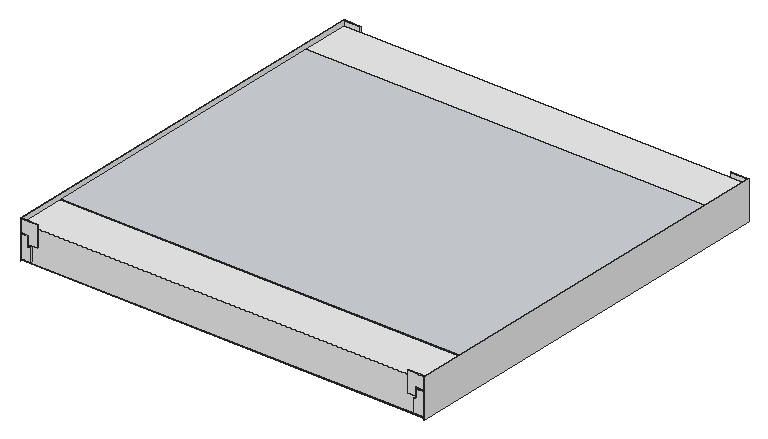
Revit family "AZURE MRI", category Lighting Fixtures, host Ceiling, Revit 2023
Family settings
  Host = Ceiling
  Round Connector Dimension = Use Diameter
  Part Type = Normal
  OmniClass Number = 23.80.70.11.14.17
  OmniClass Title = Direct/Indirect
  Always vertical = Yes
  Cut with Voids When Loaded = No
  Light Source = Yes
  Maintain Annotation Orientation = No
  Shared = No
  Room Calculation Point = No
Parameters (values of type "AZR2X2-LED840K050LUNV-xxx")
  Width = 1' - 11 3/4"
  Wattage = 36.8213 W
  built-in parameter 1150110 = 1 (stored number, unit not read)
  Voltage = 120 V  # constant formula
  URL = "https://viscor.com/products/azr-mri"
  built-in parameter 1114217 = 0.9 (stored number, unit not read)
  Tilt Angle = 90.00°
  built-in parameter 1150109 = 1 (stored number, unit not read)
  built-in parameter 1150134 = 12
  built-in parameter 1150113 = 1 (stored number, unit not read)
  Photometric Web File = "AZR MRI 2x2-LED-840K050LUNV.IES"
  Model = "AZURE MRI"  # constant formula
  Manufacturer = "VISIONEERING by VISCOR"  # constant formula
  Lumens = 1524.4 lm
  built-in parameter 1150115 = 1 (stored number, unit not read)
  built-in parameter 1150105 = 121.31 (stored number, unit not read)
  built-in parameter 1150137 = (empty or 0)
  built-in parameter 1150139 = (empty or 0)
  Lens Finish = Polycarbonate - Viscor - Frosted Round
  Length = 1' - 11 3/4"
  Lamp Wattage = 36.77 VA
  built-in parameter 1150112 = 1 (stored number, unit not read)
  built-in parameter 1150114 = 1 (stored number, unit not read)
  Lamp = "LED"  # constant formula
  built-in parameter 1150132 = (empty or 0)
  built-in parameter 1150102 = (empty or 0)
  built-in parameter 1150138 = (empty or 0)
  built-in parameter 1150107 = 4000 (stored number, unit not read)
  built-in parameter 1150106 = 1.2131 (stored number, unit not read)
  Housing Finish = Metal - Viscor - White
  Height = 0' - 2"
  Emit from Rectangle Width = Width  # 1' - 11 3/4"
  Emit from Rectangle Length = Length  # 1' - 11 3/4"
  Emit Shape Visible in Rendering = no
  built-in parameter 1150104 = 3.8462 (stored number, unit not read)
  Dimming Lamp Color Temperature Shift = <None>
  Description = "LED Non-Ferrouos MRI Recess T-Bar Luminaire"  # constant formula
  Default Elevation = 0' - 0"
  Color Filter = 16777215
  built-in parameter 1114218 = 1 (stored number, unit not read)
  built-in parameter 1150133 = 10 (stored number, unit not read)
  Assembly Code = "D5020200"
  Apparent Load = Lamp Wattage  # 36.77 VA
Reference planes (in)
  plane 1 "Light Source Axis (F/B)": y = 0
  plane 2 "Ceiling": z = 96
  plane 3 "Light Source Axis (L/R)": x = 0
  plane 4 "Light Source Elevation": z = 96
  plane 5: y = 11.875
  plane 6: y = -11.875
  plane 7: x = -11.875
  plane 8: x = 11.875
  plane 9: x = -11.84375
  plane 10: x = 11.84375
  plane 11: x = -11.49875
  plane 12: x = 11.53
  plane 13: y = 11.53
  plane 14: y = -11.53
Forms (in)
  Extrusion 1, void
    sketch origin (0, 0, 94) x (0, 1, 0) y (-1, 0, 0)
      loop
        line (-11.53, 11.49875) -> (-11.53, -11.53) -> (11.53, -11.53) -> (11.53, 11.49875) -> (-11.53, 11.49875)
    from 1.85089 to 2.069
  Extrusion 2, solid, material "Metal - Viscor - White" <- "Housing Finish"
    sketch origin (0, 0, 0) x (0, 1, 0) y (0, 0, 1)
      loop
        line (11.811, 96.069) -> (11.811, 98.01) -> (-11.811, 98.01) -> (-11.811, 96.06846)
        arc (-11.811, 96.06846) -> (-11.79048, 96.02031) -> (-11.74223, 96) r 0.06972
        line (-11.74223, 96) -> (11.742, 96)
        arc (11.742, 96) -> (11.79079, 96.02021) -> (11.811, 96.069) r 0.069
    from -11.84375 to 11.84375
  Extrusion 3, solid, material "Metal - Viscor - White" <- "Housing Finish"
    sketch origin (0, 0, 0) x (1, 0, 0) y (0, 0, 1)
      loop
        line (-11.875, 98.25) -> (-11.875, 96) -> (-11.84375, 96) -> (-11.84375, 98.25) -> (-11.875, 98.25)
    from -11.875 to 11.875
  Extrusion 4, solid, material "Metal - Viscor - White" <- "Housing Finish"
    sketch origin (0, 0, 0) x (-1, 0, 0) y (0, 0, -1)
      loop
        line (-11.875, -98.25) -> (-11.84375, -98.25) -> (-11.84375, -96) -> (-11.875, -96) -> (-11.875, -98.25)
    from -11.875 to 11.875
  Extrusion 5, solid, material "Metal - Viscor - White" <- "Housing Finish"
    sketch origin (0, 0, 0) x (1, 0, 0) y (0, 0, 1)
      loop
        line (-10.875, 97.04) -> (-10.875, 98.25) -> (-11.84375, 98.25) -> (-11.84375, 96.12818) -> (-11.25, 96.12818) -> (-11.25, 96.915) -> (-11.412, 96.915) -> (-11.412, 97.468) -> (-11.83438, 97.468) -> (-11.83438, 97.53) -> (-11.35, 97.53) -> (-11.35, 97.04) -> (-10.875, 97.04)
    from 11.811 to 11.875
  Extrusion 6, solid, material "Metal - Viscor - White" <- "Housing Finish"
    sketch origin (0, 0, 0) x (1, 0, 0) y (0, 0, -1)
      loop
        line (-10.875, -97.04) -> (-11.35, -97.04) -> (-11.35, -97.53) -> (-11.83438, -97.53) -> (-11.83438, -97.468) -> (-11.412, -97.468) -> (-11.412, -96.915) -> (-11.25, -96.915) -> (-11.25, -96.12818) -> (-11.84375, -96.12818) -> (-11.84375, -98.25) -> (-10.875, -98.25) -> (-10.875, -97.04)
    from 11.811 to 11.875
  Extrusion 7, solid, material "Metal - Viscor - White" <- "Housing Finish"
    sketch origin (0, 0, 0) x (-1, 0, 0) y (0, 0, -1)
      loop
        line (-10.875, -97.04) -> (-11.35, -97.04) -> (-11.35, -97.53) -> (-11.83438, -97.53) -> (-11.83438, -97.468) -> (-11.412, -97.468) -> (-11.412, -96.915) -> (-11.25, -96.915) -> (-11.25, -96.12818) -> (-11.84375, -96.12818) -> (-11.84375, -98.25) -> (-10.875, -98.25) -> (-10.875, -97.04)
    from 11.811 to 11.875
  Extrusion 8, solid, material "Metal - Viscor - White" <- "Housing Finish"
    sketch origin (0, 0, 0) x (-1, 0, 0) y (0, 0, 1)
      loop
        line (-10.875, 97.04) -> (-10.875, 98.25) -> (-11.84375, 98.25) -> (-11.84375, 96.12818) -> (-11.25, 96.12818) -> (-11.25, 96.915) -> (-11.412, 96.915) -> (-11.412, 97.468) -> (-11.83438, 97.468) -> (-11.83438, 97.53) -> (-11.35, 97.53) -> (-11.35, 97.04) -> (-10.875, 97.04)
    from 11.811 to 11.875
  Extrusion 9, solid, material "Polycarbonate - Viscor - Frosted Round" <- "Lens Finish"
    sketch origin (0, 0, 0) x (0, 1, 0) y (0, 0, 1)
      loop
        line (11.75, 96.069) -> (11.75, 96.187) -> (-11.75, 96.187) -> (-11.75, 96.069) -> (11.75, 96.069)
    from -11.84375 to 11.84375
  Extrusion 10, solid
    sketch origin (0, 0, 0) x (0, 1, 0) y (0, 0, 1)
      loop
        line (11.51258, 96.187) -> (11.6875, 96.187) -> (11.6875, 96.21825) -> (11.50266, 96.21825) -> (9.00266, 98.01825) -> (-9.00266, 98.01825) -> (-11.50266, 96.21825) -> (-11.6875, 96.21825) -> (-11.6875, 96.187) -> (-11.51258, 96.187)
        arc (-11.51258, 96.187) -> (-11.49355, 96.18999) -> (-11.47635, 96.19868) r 0.062
        line (-11.47635, 96.19868) -> (-8.99258, 97.987) -> (8.99258, 97.987) -> (11.47635, 96.19868)
        arc (11.47635, 96.19868) -> (11.49355, 96.18999) -> (11.51258, 96.187) r 0.062
    from -11.84375 to 11.84375
Dimensions and locks (in)
  equal spacing: host sketch curve, plane 3 "Light Source Axis (L/R)", host sketch curve
  equal spacing: host sketch curve, plane 1 "Light Source Axis (F/B)", host sketch curve
  host sketch curve to host sketch curve = 10' - 0"  (x2)
  equal spacing: plane 7, plane 3 "Light Source Axis (L/R)", plane 8
  equal spacing: plane 5, plane 1 "Light Source Axis (F/B)", plane 6
  locked: plane 10 to plane 8 at 0.03125
  "Length": plane 7 to plane 8
  "Width": plane 5 to plane 6
  plane 7 to plane 9 = 0' - 0 1/32"
  plane 6 to plane 1 "Light Source Axis (F/B)" = 0' - 11 7/8"
  locked: plane 12 to plane 8 at 0.345
  locked: plane 5 to plane 13 at 0.345
  locked: plane 6 to plane 14 at 0.345
  plane 9 to plane 11 to Extrusion 1 = 0' - 0.345" locked, 1' - 11.02875"
  aligned and locked: plane 3 "Light Source Axis (L/R)" to imposter light
  aligned and locked: plane 1 "Light Source Axis (F/B)" to imposter light
  aligned and locked: plane 4 "Light Source Elevation" to imposter light
  aligned and locked: Extrusion 2 to plane 9
  aligned and locked: plane 10 to Extrusion 2
  aligned and locked: plane 5 to Extrusion 3
  aligned and locked: Extrusion 5 to plane 6
  aligned and locked: Extrusion 5 to Extrusion 2
  aligned and locked: plane 5 to Extrusion 6
  aligned and locked: Extrusion 6 to Extrusion 2
  aligned and locked: Extrusion 4 to plane 6
  aligned and locked: plane 5 to Extrusion 4
  aligned and locked: Extrusion 7 to plane 6
  aligned and locked: Extrusion 7 to Extrusion 2
  aligned and locked: plane 5 to Extrusion 8
  aligned and locked: Extrusion 8 to Extrusion 2
  aligned and locked: Extrusion 9 to plane 9
  aligned and locked: plane 10 to Extrusion 9
  aligned and locked: Extrusion 10 to plane 9
  aligned and locked: plane 10 to Extrusion 10
Automatic sketch dimensions
  Extrusion 1 sketch curve to plane 12 = 0' - 0"
  Extrusion 1 sketch curve to plane 14 = 0' - 0"
  Extrusion 1 sketch curve to plane 11 = 0' - 0"
  Extrusion 1 sketch curve to plane 13 = 0' - 0"
  Extrusion 2 sketch curve to plane 2 "Ceiling" = 0' - 0"
  plane 6 to Extrusion 2 sketch curve = 0' - 0.064"
  Extrusion 2 sketch curve to Extrusion 2 sketch curve = 0' - 0.06876"
  Extrusion 2 sketch curve to Extrusion 2 sketch curve = 0' - 0.00094"
  plane 2 "Ceiling" to Extrusion 2 sketch curve = 0' - 0.069"
  Extrusion 2 sketch curve to plane 5 = 0' - 0.133"
  plane 2 "Ceiling" to Extrusion 2 sketch curve = 0' - 0.06846"
  Extrusion 2 sketch curve to Extrusion 2 sketch curve = 0' - 1.941"
  Extrusion 3 sketch curve to plane 2 "Ceiling" = 0' - 0"
  Extrusion 3 sketch curve to plane 7 = 0' - 0"
  Extrusion 3 sketch curve to plane 9 = 0' - 0"
  plane 2 "Ceiling" to Extrusion 3 sketch curve = 0' - 2 1/4"
  Extrusion 4 sketch curve to plane 2 "Ceiling" = 0' - 0"
  Extrusion 4 sketch curve to plane 8 = 0' - 0"
  Extrusion 4 sketch curve to plane 10 = 0' - 0"
  plane 2 "Ceiling" to Extrusion 4 sketch curve = 0' - 2 1/4"
  Extrusion 5 sketch curve to plane 9 = 0' - 0"
  plane 9 to Extrusion 5 sketch curve = 0' - 0.00937"
  plane 11 to Extrusion 5 sketch curve = 0' - 0.08675"
  Extrusion 5 sketch curve to Extrusion 5 sketch curve = 0' - 0.062"  (x2)
  Extrusion 5 sketch curve to Extrusion 5 sketch curve = 0' - 0.1"
  Extrusion 5 sketch curve to Extrusion 5 sketch curve = 0' - 0 3/8"
  plane 2 "Ceiling" to Extrusion 5 sketch curve = 0' - 0.12818"
  Extrusion 5 sketch curve to Extrusion 5 sketch curve = 0' - 0.78682"
  Extrusion 5 sketch curve to Extrusion 5 sketch curve = 0' - 0 1/8"
  Extrusion 5 sketch curve to Extrusion 5 sketch curve = 0' - 0.428"
  Extrusion 5 sketch curve to Extrusion 5 sketch curve = 0' - 0.72"
  Extrusion 6 sketch curve to plane 9 = 0' - 0"
  plane 9 to Extrusion 6 sketch curve = 0' - 0.00937"
  plane 11 to Extrusion 6 sketch curve = 0' - 0.08675"
  Extrusion 6 sketch curve to Extrusion 6 sketch curve = 0' - 0.062"  (x2)
  Extrusion 6 sketch curve to Extrusion 6 sketch curve = 0' - 0.1"
  Extrusion 6 sketch curve to Extrusion 6 sketch curve = 0' - 0 3/8"
  plane 2 "Ceiling" to Extrusion 6 sketch curve = 0' - 2 1/4"
  Extrusion 6 sketch curve to Extrusion 6 sketch curve = 0' - 0.72"
  Extrusion 6 sketch curve to Extrusion 6 sketch curve = 0' - 0.49"
  Extrusion 6 sketch curve to Extrusion 6 sketch curve = 0' - 0 1/8"
  plane 2 "Ceiling" to Extrusion 6 sketch curve = 0' - 0.12818"
  Extrusion 7 sketch curve to plane 10 = 0' - 0"
  Extrusion 7 sketch curve to plane 10 = 0' - 0.00937"
  Extrusion 7 sketch curve to plane 12 = 0' - 0.118"
  Extrusion 7 sketch curve to Extrusion 7 sketch curve = 0' - 0.062"  (x2)
  Extrusion 7 sketch curve to Extrusion 7 sketch curve = 0' - 0.1"
  Extrusion 7 sketch curve to Extrusion 7 sketch curve = 0' - 0 3/8"
  plane 2 "Ceiling" to Extrusion 7 sketch curve = 0' - 2 1/4"
  Extrusion 7 sketch curve to Extrusion 7 sketch curve = 0' - 0.72"
  Extrusion 7 sketch curve to Extrusion 7 sketch curve = 0' - 0.49"
  Extrusion 7 sketch curve to Extrusion 7 sketch curve = 0' - 0 1/8"
  plane 2 "Ceiling" to Extrusion 7 sketch curve = 0' - 0.12818"
  Extrusion 8 sketch curve to plane 10 = 0' - 0"
  Extrusion 8 sketch curve to plane 10 = 0' - 0.00937"
  Extrusion 8 sketch curve to plane 12 = 0' - 0.118"
  Extrusion 8 sketch curve to Extrusion 8 sketch curve = 0' - 0.062"  (x2)
  Extrusion 8 sketch curve to Extrusion 8 sketch curve = 0' - 0.1"
  Extrusion 8 sketch curve to Extrusion 8 sketch curve = 0' - 0 3/8"
  plane 2 "Ceiling" to Extrusion 8 sketch curve = 0' - 0.12818"
  Extrusion 8 sketch curve to Extrusion 8 sketch curve = 0' - 0.78682"
  Extrusion 8 sketch curve to Extrusion 8 sketch curve = 0' - 0 1/8"
  Extrusion 8 sketch curve to Extrusion 8 sketch curve = 0' - 0.428"
  Extrusion 8 sketch curve to Extrusion 8 sketch curve = 0' - 0.72"
  plane 6 to Extrusion 9 sketch curve = 0' - 0 1/8"
  Extrusion 9 sketch curve to plane 5 = 0' - 0 1/8"
  plane 2 "Ceiling" to Extrusion 9 sketch curve = 0' - 0.069"
  Extrusion 9 sketch curve to Extrusion 9 sketch curve = 0' - 0.118"
  Extrusion 10 sketch curve to plane 14 = 0' - 0.1575"
  plane 14 to Extrusion 10 sketch curve = 0' - 0.01742"
  plane 14 to Extrusion 10 sketch curve = 0' - 0 7/256"
  Extrusion 10 sketch curve to Extrusion 10 sketch curve = 0' - 0.02631"  (x2)
  plane 14 to Extrusion 10 sketch curve = 0' - 2 135/256"
  Extrusion 10 sketch curve to Extrusion 10 sketch curve = 0' - 0.01008"  (x2)
  Extrusion 10 sketch curve to plane 13 = 0' - 2.53742"
  Extrusion 10 sketch curve to plane 13 = 0' - 0 7/256"
  Extrusion 10 sketch curve to plane 13 = 0' - 0.01742"
  plane 2 "Ceiling" to Extrusion 10 sketch curve = 0' - 0.187"  (x2)
  Extrusion 10 sketch curve to Extrusion 10 sketch curve = 0' - 0.01168"  (x2)
  Extrusion 10 sketch curve to Extrusion 10 sketch curve = 0' - 0 1/32"  (x2)
  Extrusion 10 sketch curve to Extrusion 10 sketch curve = 0' - 0.03075"
  plane 2 "Ceiling" to Extrusion 10 sketch curve = 0' - 1.987"
  plane 13 to Extrusion 10 sketch curve = 0' - 0.1575"
Connectors (in)
  electrical at (0, 0, 96), driven by "Voltage", driven by "Lamp Wattage"
    settings: index 2, voltage 120 V, apparent load 0 VA, apparent load phase1 36.77 VA, apparent load phase2 0 VA, apparent load phase3 0 VA, power factor 1, load classification "Other", number of poles 1, system type 31, power factor state 1, is connector primary yes, connector utility no, sub classification motor no, connector description ""
